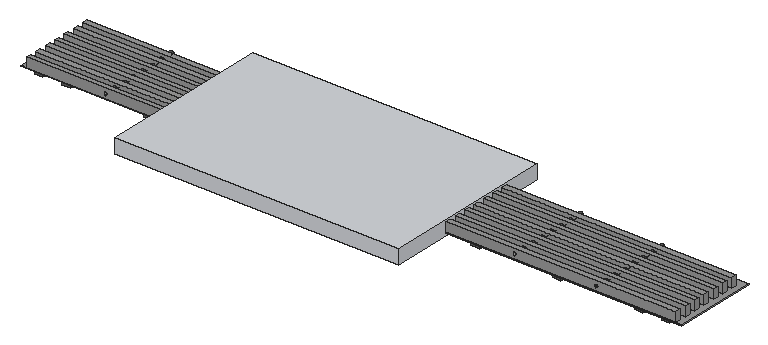
Revit family "1412-7, Solid", category Generic Models, host Face, Revit 2020
Family settings
  Host = Face
  Can host rebar = No
  Round Connector Dimension = Use Diameter
  Part Type = Normal
  Cut with Voids When Loaded = No
  Shared = No
  Room Calculation Point = No
Parameters
  min_value [instance] = 2' - 4"  # constant formula
  max_value [instance] = 11' - 11 1/4"  # constant formula
  actual_value [instance] = if(NET LENGTH < min_value, min_value, if(NET LENGTH > max_value, max_value, NET LENGTH))  # 7' - 11 1/4"
  SCRIM MATERIAL [instance] = SCRIM
  SCRIM APPEARANCE [instance] = yes
  NET LENGTH [instance] = 7' - 11 1/4"
  IMPORTANT NOTE!!!                                                                             *Backer & dowel layout is for visualization purposes only, final layout to be determined by 9Wood. [instance] = ""
  Default Elevation = 4' - 0"
  DOWEL RADIUS [instance] = 0' - 0 1/4"  # constant formula
  BACKER & DOWEL MATERIAL [instance] = BLACK-BACKERS
  .. MEMBER WIDTH [instance] = 0' - 0 3/4"  # constant formula
  .. MEMBER MATERIAL [instance] = Solid Western Hemlock
  .. MEMBER DEPTH [instance] = 0' - 1 3/8"  # constant formula
  .. MEMBER COUNT [instance] = 7  # constant formula
Reference planes (in)
  plane 1 "Center (Front/Back)": y = 0
  plane 2: z = 0
  plane 3 "Center (Left/Right)": x = 0
Forms (in)
  Extrusion 1, solid
    sketch origin (0, 0, 0) x (1, 0, 0) y (0, 1, 0)
      loop
        line (-24.24823, 14.63962) -> (-24.24823, -10.69266) -> (17.36192, -10.69266) -> (17.36192, 14.63962) -> (-24.24823, 14.63962)
    from 0 to 2.0625
Dimensions and locks (in)
  aligned and locked: plane 2 to Extrusion 1
Nested families (in)
  nested 1: "1400 series" at (-44.01308, -2.1224, 0.00189), NET LENGTH <- "actual_value", .. MEMBER DEPTH <- ".. MEMBER DEPTH", .. MEMBER WIDTH <- ".. MEMBER WIDTH", DOWEL RADIUS <- "DOWEL RADIUS", BACKER & DOWEL MATERIAL <- "BACKER & DOWEL MATERIAL", .. MEMBER MATERIAL <- ".. MEMBER MATERIAL", SCRIM MATERIAL <- "SCRIM MATERIAL", MEMBER COUNT <- ".. MEMBER COUNT", SCRIM APPEARANCE <- "SCRIM APPEARANCE", type "1400 series"
    with X 7' - 8", SCRIM MATERIAL SCRIM, SCRIM LENGTH 8' - 1", SCRIM APPEARANCE yes, SCRIM 2 0' - 0 7/8", SCRIM 1 0' - 0 3/32", OC TYP 1' - 0", NET LENGTH 7' - 11 1/4", N 8, MEMBER COUNT 7, INSET 2 0' - 0 3/16", INSET 0' - 1", HALF MEMBER WIDTH 0' - 0 3/8", END BACKER yes, DOWEL RADIUS 0' - 0 1/4", DOWEL INDEX 0' - 11 5/8", DOWEL COUNT 7, BACKING M COUNT 8, BACKER WIDTH 0' - 1 1/4", BACKER INDEX 0' - 5 5/8", BACKER DEPTH 0' - 0 1/2", BACKER & DOWEL MATERIAL BLACK-BACKERS, BACKER &  DOWEL LENGTH 0' - 11 7/8", .. MEMBER WIDTH 0' - 0 3/4", .. MEMBER OC TYP 0' - 1.71429", .. MEMBER MATERIAL Solid Western Hemlock, .. MEMBER DEPTH 0' - 1 3/8"
Definition of nested family "1400 series"
  Parameters (values of type "1400 series")
    X [instance] = NET LENGTH - 0' 3 1/4"  # 7' - 2"
    SCRIM MATERIAL [instance] = none
    SCRIM APPEARANCE [instance] = yes
    SCRIM 2 [instance] = 0' - 0 7/8"  # constant formula
    SCRIM 1 [instance] = 0' - 0 3/32"  # constant formula
    OC TYP [instance] = 1' - 0"  # constant formula
    N [instance] = if((X - (rounddown(X / 1' 0") * 1' 0")) > 1' 0", rounddown(X / 1' 0") + 2, rounddown(X / 1' 0") + 1)  # 8
    MEMBER COUNT [instance] = 2
    INSET 5 = 0' - 0 11/16"  # constant formula
    INSET 2 [instance] = 0' - 0 3/16"  # constant formula
    INSET [instance] = 0' - 1"  # constant formula
    END BACKER [instance] = BACKER INDEX > 0' 3 5/8"  # no
    HALF MEMBER WIDTH [instance] = .. MEMBER WIDTH / 2  # 0' - 1 1/8"
    Default Elevation = 0' - 0"
    DOWEL RADIUS [instance] = 0' - 0 1/4"
    DOWEL INDEX [instance] = BACKER INDEX + 0' 6"  # 0' - 8 5/8"
    DOWEL COUNT [instance] = N - 1  # 7
    BACKER WIDTH [instance] = 0' - 1 1/4"  # constant formula
    BACKER INDEX [instance] = (NET LENGTH - ((N - 1) * 1' 0")) / 2  # 0' - 2 5/8"
    BACKER DEPTH [instance] = 0' - 0 1/2"  # constant formula
    BACKING M COUNT [instance] = N  # 8
    BACKER & DOWEL MATERIAL [instance] = none
    BACKER &  DOWEL LENGTH [instance] = 0' - 11 7/8"  # constant formula
    SCRIM LENGTH [instance] = NET LENGTH + (SCRIM 2 * 2)  # 7' - 7"
    .. MEMBER WIDTH [instance] = 0' - 2 1/4"
    .. MEMBER OC TYP [instance] = 1' 0" / MEMBER COUNT  # 0' - 6"
    .. MEMBER MATERIAL [instance] = none
    NET LENGTH [instance] = 7' - 5 1/4"
    .. MEMBER DEPTH [instance] = 0' - 4"
  Reference planes (in)
    plane 1 "Center (Front/Back)": y = 0
    plane 2: z = 0
    plane 3 "Center (Left/Right)": x = 0
    plane 4: x = 89.25
    plane 5: x = 1
    plane 6: x = 88.25
    plane 7: x = 2.625
    plane 8: x = 8.625
    plane 9: x = 14.625
    plane 10: x = 20.625
    plane 11: y = 0.1875
    plane 12: y = 1.125
    plane 13: y = 7.125
    plane 14: y = 12.0625
    plane 15: x = 90.125
    plane 16: x = -0.875
    plane 17: y = 12.15625
    plane 18: y = -0.09375
    plane 19: z = 2.7097
    plane 20: z = 0.49811
    plane 21: z = 0.56061
    plane 22: z = 1.24811
  Lines and regions (in)
    model lines, not visible
      curve 1: line (8.625, 0, 0.99811) -> (8.625, 0, 1.49811)
      curve 2: line (8.625, 0, 1.49811) -> (8.375, 0, 1.24811)
      curve 3: line (8.375, 0, 1.24811) -> (8.875, 0, 1.24811)
      curve 4: line (20.625, 0, 0.99811) -> (20.625, 0, 1.49811)
      curve 5: line (20.625, 0, 1.49811) -> (20.375, 0, 1.24811)
      curve 6: line (20.375, 0, 1.24811) -> (20.875, 0, 1.24811)
      curve 7: line (32.625, 0, 0.99811) -> (32.625, 0, 1.49811)
      curve 8: line (32.625, 0, 1.49811) -> (32.375, 0, 1.24811)
      curve 9: line (32.375, 0, 1.24811) -> (32.875, 0, 1.24811)
      curve 10: line (44.625, 0, 0.99811) -> (44.625, 0, 1.49811)
      curve 11: line (44.625, 0, 1.49811) -> (44.375, 0, 1.24811)
      curve 12: line (44.375, 0, 1.24811) -> (44.875, 0, 1.24811)
      curve 13: line (56.625, 0, 0.99811) -> (56.625, 0, 1.49811)
      curve 14: line (56.625, 0, 1.49811) -> (56.375, 0, 1.24811)
      curve 15: line (56.375, 0, 1.24811) -> (56.875, 0, 1.24811)
      curve 16: line (68.625, 0, 0.99811) -> (68.625, 0, 1.49811)
      curve 17: line (68.625, 0, 1.49811) -> (68.375, 0, 1.24811)
      curve 18: line (68.375, 0, 1.24811) -> (68.875, 0, 1.24811)
      curve 19: line (80.625, 0, 0.99811) -> (80.625, 0, 1.49811)
      curve 20: line (80.625, 0, 1.49811) -> (80.375, 0, 1.24811)
      curve 21: line (80.375, 0, 1.24811) -> (80.875, 0, 1.24811)
  Dimensions and locks (in)
    "INSET": plane 3 "Center (Left/Right)" to plane 5
    "NET LENGTH": plane 3 "Center (Left/Right)" to plane 4
    "INSET": plane 6 to plane 4
    "BACKER INDEX": plane 3 "Center (Left/Right)" to plane 7
    "DOWEL INDEX": plane 3 "Center (Left/Right)" to plane 8
    "OC TYP": plane 7 to plane 9
    "OC TYP": plane 8 to plane 10
    "INSET 2": plane 1 "Center (Front/Back)" to plane 11
    equal spacing: group 1, group 2, group 5, group 6, group 7, group 13, group 14, group 16  (x3)
    equal spacing: group 3, group 4, group 8, group 9, group 10, group 15, group 17  (x3)
    group 11 to group 12 = 0' - 0"  (x2)
    group 11 to group 12 = 0' - 6"
    ".. MEMBER OC TYP": plane 13 to plane 12
    "HALF MEMBER WIDTH": plane 1 "Center (Front/Back)" to plane 12
    "SCRIM 2": plane 16 to plane 3 "Center (Left/Right)"
    "SCRIM 2": plane 4 to plane 15
    "SCRIM 1": plane 18 to plane 1 "Center (Front/Back)"
    "SCRIM 1": plane 17 to plane 14
    "INSET 5": plane 22 to plane 21
    aligned and locked: level to plane 2
    aligned and locked: plane 7 to nested 2
    aligned and locked: plane 5 to nested 1
    aligned and locked: plane 9 to nested 3
    aligned and locked: nested 1 to plane 5
    aligned and locked: nested 2 to plane 11
    aligned and locked: nested 1 to plane 11
    aligned and locked: nested 3 to plane 11
    aligned and locked: nested 4 to plane 11  (x2)
    aligned and locked: plane 10 to nested 5
    aligned and locked: plane 6 to nested 12
    aligned and locked: nested 5 to plane 11
    aligned and locked: plane 11 to nested 12
    aligned and locked: plane 12 to nested 13
    aligned and locked: nested 14 to plane 13
    aligned and locked: plane 14 to nested 8
    aligned and locked: plane 16 to nested 15
    aligned and locked: nested 15 to plane 18
    aligned and locked: nested 15 to plane 17
    aligned and locked: nested 15 to plane 16  (x2)
    aligned and locked: nested 1 to level
    aligned and locked: level to nested 3
    aligned and locked: plane 20 to nested 2
    aligned and locked: plane 20 to nested 1
    aligned and locked: plane 20 to nested 3
    aligned and locked: nested 12 to plane 20
    aligned and locked: nested 15 to plane 20
    aligned and locked: plane 21 to nested 15
    aligned and locked: nested 13 to plane 21
    aligned and locked: plane 22 to nested 4
    aligned and locked: plane 22 to nested 5
    aligned and locked: nested 13 to plane 8
    aligned and locked: plane 10 to nested 13
    aligned and locked: curve 1 to nested 13
    aligned and locked: nested 13 to curve 4
  Automatic sketch dimensions
    curve 3 to curve 1 = 0' - 0 1/4"  (x2)
    curve 1 to curve 3 = 0' - 0 1/4"
    curve 1 to curve 2 = 0' - 0 1/4"
    curve 6 to curve 4 = 0' - 0 1/4"  (x2)
    curve 4 to curve 6 = 0' - 0 1/4"
    curve 4 to curve 5 = 0' - 0 1/4"
    curve 9 to curve 7 = 0' - 0 1/4"  (x2)
    curve 7 to curve 9 = 0' - 0 1/4"
    curve 7 to curve 8 = 0' - 0 1/4"
    curve 12 to curve 10 = 0' - 0 1/4"  (x2)
    curve 10 to curve 12 = 0' - 0 1/4"
    curve 10 to curve 11 = 0' - 0 1/4"
    curve 15 to curve 13 = 0' - 0 1/4"  (x2)
    curve 13 to curve 15 = 0' - 0 1/4"
    curve 13 to curve 14 = 0' - 0 1/4"
    curve 18 to curve 16 = 0' - 0 1/4"  (x2)
    curve 16 to curve 18 = 0' - 0 1/4"
    curve 16 to curve 17 = 0' - 0 1/4"
    curve 21 to curve 19 = 0' - 0 1/4"  (x2)
    curve 19 to curve 21 = 0' - 0 1/4"
    curve 19 to curve 20 = 0' - 0 1/4"
  Nested families (in)
    nested 1: "INSTANCE - 3RD -  EXTEND BOTH SIDES - Parametric Cube.0001" at (1, 0.1875, 0.49811), Length <- "BACKER &  DOWEL LENGTH", Width <- "BACKER WIDTH", Height <- "BACKER DEPTH", Material <- "BACKER & DOWEL MATERIAL", visible <- "END BACKER", type "INSTANCE - 3RD -  EXTEND BOTH SIDES - Parametric Cube.0001"
      with Width 0' - 1 1/4", Material none, Length 0' - 11 7/8", Height 0' - 0 1/2"
    nested 2: "INSTANCE - 2ND -  EXTEND SIDE H CENTER W - Parametric Cube.0001" at (2.625, 0.1875, 0.49811), Width <- "BACKER WIDTH", Length <- "BACKER &  DOWEL LENGTH", Height <- "BACKER DEPTH", Material <- "BACKER & DOWEL MATERIAL", type "INSTANCE - 2ND -  EXTEND SIDE H CENTER W - Parametric Cube.0001"
      with Width 0' - 1 1/4", Material none, Length 0' - 11 7/8", Height 0' - 0 1/2"
    nested 3: "INSTANCE - 2ND -  EXTEND SIDE H CENTER W - Parametric Cube.0001" at (14.625, 0.1875, 0.49811), Width <- "BACKER WIDTH", Length <- "BACKER &  DOWEL LENGTH", Height <- "BACKER DEPTH", Material <- "BACKER & DOWEL MATERIAL", type "INSTANCE - 2ND -  EXTEND SIDE H CENTER W - Parametric Cube.0001"
      with Width 0' - 1 1/4", Material none, Length 0' - 11 7/8", Height 0' - 0 1/2"
    nested 4: "DOWEL" at (-1.375, 0.1875, 1.24811), DOWEL LENGTH <- "BACKER &  DOWEL LENGTH", DOWEL RADII <- "DOWEL RADIUS", BACKING MEM MATERIAL <- "BACKER & DOWEL MATERIAL", type "DOWEL"
      with DOWEL RADII 0' - 0 1/4", DOWEL LENGTH 0' - 11 7/8", BACKING MEM MATERIAL none
    nested 5: "DOWEL" at (10.625, 0.1875, 1.24811), DOWEL LENGTH <- "BACKER &  DOWEL LENGTH", DOWEL RADII <- "DOWEL RADIUS", BACKING MEM MATERIAL <- "BACKER & DOWEL MATERIAL", type "DOWEL"
      with DOWEL RADII 0' - 0 1/4", DOWEL LENGTH 0' - 11 7/8", BACKING MEM MATERIAL none
    nested 6: "INSTANCE - 2ND -  EXTEND SIDE H CENTER W - Parametric Cube.0001" at (26.625, 0.1875, 0.49811), Width <- "BACKER WIDTH", Length <- "BACKER &  DOWEL LENGTH", Height <- "BACKER DEPTH", Material <- "BACKER & DOWEL MATERIAL", type "INSTANCE - 2ND -  EXTEND SIDE H CENTER W - Parametric Cube.0001"
      with Width 0' - 1 1/4", Material none, Length 0' - 11 7/8", Height 0' - 0 1/2"
    nested 7: "INSTANCE - 2ND -  EXTEND SIDE H CENTER W - Parametric Cube.0001" at (38.625, 0.1875, 0.49811), Width <- "BACKER WIDTH", Length <- "BACKER &  DOWEL LENGTH", Height <- "BACKER DEPTH", Material <- "BACKER & DOWEL MATERIAL", type "INSTANCE - 2ND -  EXTEND SIDE H CENTER W - Parametric Cube.0001"
      with Width 0' - 1 1/4", Material none, Length 0' - 11 7/8", Height 0' - 0 1/2"
    nested 8: "INSTANCE - 2ND -  EXTEND SIDE H CENTER W - Parametric Cube.0001" at (50.625, 0.1875, 0.49811), Width <- "BACKER WIDTH", Length <- "BACKER &  DOWEL LENGTH", Height <- "BACKER DEPTH", Material <- "BACKER & DOWEL MATERIAL", type "INSTANCE - 2ND -  EXTEND SIDE H CENTER W - Parametric Cube.0001"
      with Width 0' - 1 1/4", Material none, Length 0' - 11 7/8", Height 0' - 0 1/2"
    nested 9: "DOWEL" at (22.625, 0.1875, 1.24811), DOWEL LENGTH <- "BACKER &  DOWEL LENGTH", DOWEL RADII <- "DOWEL RADIUS", BACKING MEM MATERIAL <- "BACKER & DOWEL MATERIAL", type "DOWEL"
      with DOWEL RADII 0' - 0 1/4", DOWEL LENGTH 0' - 11 7/8", BACKING MEM MATERIAL none
    nested 10: "DOWEL" at (34.625, 0.1875, 1.24811), DOWEL LENGTH <- "BACKER &  DOWEL LENGTH", DOWEL RADII <- "DOWEL RADIUS", BACKING MEM MATERIAL <- "BACKER & DOWEL MATERIAL", type "DOWEL"
      with DOWEL RADII 0' - 0 1/4", DOWEL LENGTH 0' - 11 7/8", BACKING MEM MATERIAL none
    nested 11: "DOWEL" at (46.625, 0.1875, 1.24811), DOWEL LENGTH <- "BACKER &  DOWEL LENGTH", DOWEL RADII <- "DOWEL RADIUS", BACKING MEM MATERIAL <- "BACKER & DOWEL MATERIAL", type "DOWEL"
      with DOWEL RADII 0' - 0 1/4", DOWEL LENGTH 0' - 11 7/8", BACKING MEM MATERIAL none
    nested 12: "INSTANCE - 3RD -  EXTEND BOTH SIDES - Parametric Cube.0001" at (88.25, 0.1875, 0.49811) x (-1, 0, 0) z (0, 0, 1), Width <- "BACKER WIDTH", Length <- "BACKER &  DOWEL LENGTH", Height <- "BACKER DEPTH", Material <- "BACKER & DOWEL MATERIAL", visible <- "END BACKER", type "INSTANCE - 3RD -  EXTEND BOTH SIDES - Parametric Cube.0001"
      with Width 0' - 1 1/4", Material none, Length 0' - 11 7/8", Height 0' - 0 1/2"
    nested 13: "HOLED MEMBER" at (0, -9.75, 8.12965), DOWEL INDEX <- "DOWEL INDEX", .. MEMBER LENGTH <- "NET LENGTH", .. MEMBER WIDTH <- ".. MEMBER WIDTH", DOWEL OC DIST <- "OC TYP", DOWEL RADII <- "DOWEL RADIUS", Material <- ".. MEMBER MATERIAL", DEPTH <- ".. MEMBER DEPTH", DOWEL COUNT <- "DOWEL COUNT", Space <- "INSET 5", type "HOLED MEMBER"
      with Space 0' - 0 11/16", Material none, Height 0' - 10.43096", HALF MEMBER WIDTH 0' - 1 1/8", DOWEL RADII 0' - 0 1/4", DOWEL OC DIST 1' - 0", DOWEL INDEX 0' - 8 5/8", DOWEL COUNT 7, DEPTH 0' - 4", .. MEMBER WIDTH 0' - 2 1/4", .. MEMBER LENGTH 7' - 5 1/4"
    nested 14: "HOLED MEMBER" at (0, -3.75, 8.12965), DOWEL INDEX <- "DOWEL INDEX", .. MEMBER LENGTH <- "NET LENGTH", .. MEMBER WIDTH <- ".. MEMBER WIDTH", DOWEL OC DIST <- "OC TYP", DOWEL RADII <- "DOWEL RADIUS", Material <- ".. MEMBER MATERIAL", DEPTH <- ".. MEMBER DEPTH", DOWEL COUNT <- "DOWEL COUNT", Space <- "INSET 5", type "HOLED MEMBER"
      with Space 0' - 0 11/16", Material none, Height 0' - 10.43096", HALF MEMBER WIDTH 0' - 1 1/8", DOWEL RADII 0' - 0 1/4", DOWEL OC DIST 1' - 0", DOWEL INDEX 0' - 8 5/8", DOWEL COUNT 7, DEPTH 0' - 4", .. MEMBER WIDTH 0' - 2 1/4", .. MEMBER LENGTH 7' - 5 1/4"
    nested 15: "INSTANCE - 3RD -  EXTEND BOTH SIDES - Parametric Cube.0001" at (-0.875, -0.09375, 0.56061), Width <- "SCRIM LENGTH", Material <- "SCRIM MATERIAL", visible <- "SCRIM APPEARANCE", type "INSTANCE - 3RD -  EXTEND BOTH SIDES - Parametric Cube.0001"
      with Width 7' - 7", Material none, Length 1' - 0 1/4", Height 0' - 0 1/16"
    nested 16: "INSTANCE - 2ND -  EXTEND SIDE H CENTER W - Parametric Cube.0001" at (62.625, 0.1875, 0.49811), Width <- "BACKER WIDTH", Length <- "BACKER &  DOWEL LENGTH", Height <- "BACKER DEPTH", Material <- "BACKER & DOWEL MATERIAL", type "INSTANCE - 2ND -  EXTEND SIDE H CENTER W - Parametric Cube.0001"
      with Width 0' - 1 1/4", Material none, Length 0' - 11 7/8", Height 0' - 0 1/2"
    nested 17: "INSTANCE - 2ND -  EXTEND SIDE H CENTER W - Parametric Cube.0001" at (74.625, 0.1875, 0.49811), Width <- "BACKER WIDTH", Length <- "BACKER &  DOWEL LENGTH", Height <- "BACKER DEPTH", Material <- "BACKER & DOWEL MATERIAL", type "INSTANCE - 2ND -  EXTEND SIDE H CENTER W - Parametric Cube.0001"
      with Width 0' - 1 1/4", Material none, Length 0' - 11 7/8", Height 0' - 0 1/2"
    nested 18: "DOWEL" at (58.625, 0.1875, 1.24811), DOWEL LENGTH <- "BACKER &  DOWEL LENGTH", DOWEL RADII <- "DOWEL RADIUS", BACKING MEM MATERIAL <- "BACKER & DOWEL MATERIAL", type "DOWEL"
      with DOWEL RADII 0' - 0 1/4", DOWEL LENGTH 0' - 11 7/8", BACKING MEM MATERIAL none
    nested 19: "INSTANCE - 2ND -  EXTEND SIDE H CENTER W - Parametric Cube.0001" at (86.625, 0.1875, 0.49811), Width <- "BACKER WIDTH", Length <- "BACKER &  DOWEL LENGTH", Height <- "BACKER DEPTH", Material <- "BACKER & DOWEL MATERIAL", type "INSTANCE - 2ND -  EXTEND SIDE H CENTER W - Parametric Cube.0001"
      with Width 0' - 1 1/4", Material none, Length 0' - 11 7/8", Height 0' - 0 1/2"
    nested 20: "DOWEL" at (70.625, 0.1875, 1.24811), DOWEL LENGTH <- "BACKER &  DOWEL LENGTH", DOWEL RADII <- "DOWEL RADIUS", BACKING MEM MATERIAL <- "BACKER & DOWEL MATERIAL", type "DOWEL"
      with DOWEL RADII 0' - 0 1/4", DOWEL LENGTH 0' - 11 7/8", BACKING MEM MATERIAL none
  Definition of nested family "INSTANCE - 3RD -  EXTEND BOTH SIDES - Parametric Cube.0001"
    Parameters (values of type "INSTANCE - 3RD -  EXTEND BOTH SIDES - Parametric Cube.0001")
      Width [instance] = 0' - 6"
      Material [instance] = none
      Length [instance] = 1' - 0"
      Height [instance] = 1' - 6"
      Default Elevation = 0' - 0"
    Reference planes (in)
      plane 1 "Center (Front/Back)": y = 0
      plane 2: z = 0
      plane 3 "Center (Left/Right)": x = 0
      plane 4: x = 6
      plane 5: y = 12
      plane 6: z = -18
    Forms (in)
      Extrusion 1, solid, material <- "Material"
        sketch origin (0, 6, 0) x (1, 0, 0) y (0, 1, 0)
          loop
            line (0, 6) -> (0, -6) -> (6, -6) -> (6, 6) -> (0, 6)
        from -18 to 0
    Dimensions and locks (in)
      "Height": plane 6 to level
      "Length": plane 1 "Center (Front/Back)" to plane 5
      "Width": plane 3 "Center (Left/Right)" to plane 4
      aligned and locked: plane 2 to level
      aligned and locked: Extrusion 1 sketch curve to plane 4
      aligned and locked: Extrusion 1 to plane 6
      aligned and locked: plane 5 to Extrusion 1
      aligned and locked: Extrusion 1 to plane 3 "Center (Left/Right)"
    Automatic sketch dimensions
      plane 1 "Center (Front/Back)" to Extrusion 1 sketch curve = 0' - 0"
      plane 5 to Extrusion 1 sketch curve = 0' - 0"
      Extrusion 1 sketch curve to plane 3 "Center (Left/Right)" = 0' - 0"
  Definition of nested family "INSTANCE - 2ND -  EXTEND SIDE H CENTER W - Parametric Cube.0001"
    Parameters (values of type "INSTANCE - 2ND -  EXTEND SIDE H CENTER W - Parametric Cube.0001")
      Width [instance] = 0' - 6"
      Material [instance] = none
      Length [instance] = 1' - 0"
      Height [instance] = 1' - 6"
      Default Elevation = 0' - 0"
    Reference planes (in)
      plane 1 "Center (Front/Back)": y = 0
      plane 2: z = 0
      plane 3 "Center (Left/Right)": x = 0
      plane 4: x = -3
      plane 5: x = 3
      plane 6: y = 12
      plane 7: z = -18
    Forms (in)
      Extrusion 1, solid, material <- "Material"
        sketch origin (0, 6, 0) x (1, 0, 0) y (0, 1, 0)
          loop
            line (-3, 6) -> (-3, -6) -> (3, -6) -> (3, 6) -> (-3, 6)
        from -18 to 0
    Dimensions and locks (in)
      equal spacing: plane 4, plane 3 "Center (Left/Right)", plane 5
      "Width": plane 4 to plane 5
      "Height": plane 7 to level
      "Length": plane 1 "Center (Front/Back)" to plane 6
      aligned and locked: plane 2 to level
      aligned and locked: plane 4 to Extrusion 1 sketch curve
      aligned and locked: Extrusion 1 sketch curve to plane 5
      aligned and locked: Extrusion 1 to plane 7
      aligned and locked: plane 6 to Extrusion 1
    Automatic sketch dimensions
      plane 1 "Center (Front/Back)" to Extrusion 1 sketch curve = 0' - 0"
      plane 6 to Extrusion 1 sketch curve = 0' - 0"
  Definition of nested family "DOWEL"
    Parameters (values of type "DOWEL")
      Default Elevation = 0' - 0"
      DOWEL RADII [instance] = 0' - 0 5/8"
      DOWEL LENGTH [instance] = 1' - 0"
      BACKING MEM MATERIAL [instance] = none
    Reference planes (in)
      plane 1 "Center (Front/Back)": y = 0
      plane 2: z = 0
      plane 3 "Center (Left/Right)": x = 0
      plane 4: y = 12
    Forms (in)
      Extrusion 1, solid, material <- "BACKING MEM MATERIAL"
        sketch origin (10, 0, 0) x (1, 0, 0) y (0, 0, 1)
          loop
            circle (0, 0) r 0.625
        from 0 to -12
      Extrusion 2, solid, not visible
        sketch origin (0, 0, 0) x (1, 0, 0) y (0, 0, 1)
          loop
            circle (0, 0) r 0.625
        from 0 to 12
      Extrusion 3, solid, not visible
        sketch origin (10, 0, 0) x (1, 0, 0) y (0, 0, 1)
          loop
            circle (0, 0) r 0.625
        from 0 to 2.5
      Extrusion 4, solid, not visible
        sketch origin (10, 0, 0) x (1, 0, 0) y (0, 0, 1)
          loop
            circle (0, 0) r 0.625
        from 0 to -12
    Lines and regions (in)
      model lines, not visible
        curve 1: line (-13, 0, 0) -> (-13, -12, 0)
        curve 2: line (13, 0, 0) -> (13, -12, 0)
        curve 3: line (9.89453, 0, 0) -> (10.08794, 0, 0)
        curve 4: line (9.89453, -2.5, 0) -> (10.08794, -2.5, 0)
        curve 6: line (10, 0, 0) -> (10, 2, 0)
      model lines
        curve 5: line (10, 0, 0) -> (10, 2, 0)
    Dimensions and locks (in)
      "DOWEL LENGTH": plane 1 "Center (Front/Back)" to plane 4
      "DOWEL RADII": radius of Extrusion 1 sketch curve
      "DOWEL RADII": radius of Extrusion 2 sketch curve
      "DOWEL RADII": radius of Extrusion 3 sketch curve
      "DOWEL RADII": radius of Extrusion 4 sketch curve
      "DOWEL RADII": radius of Extrusion 1
      aligned and locked: plane 2 to level
      aligned and locked: Extrusion 1 to plane 1 "Center (Front/Back)"  (x3)
      aligned and locked: plane 1 "Center (Front/Back)" to Extrusion 1
      aligned and locked: plane 4 to Extrusion 1
    Automatic sketch dimensions
      plane 1 "Center (Front/Back)" to curve 5 = 0' - 0"
      curve 5 to plane 1 "Center (Front/Back)" = 0' - 2"
      plane 3 "Center (Left/Right)" to curve 5 = 0' - 10"
      Extrusion 1 sketch curve to level = 0' - 0"
      plane 3 "Center (Left/Right)" to Extrusion 1 sketch curve = 0' - 10"
  Definition of nested family "HOLED MEMBER"
    Parameters (values of type "HOLED MEMBER")
      Space [instance] = 0' - 0 5/8"
      Material [instance] = none
      Height [instance] = 0' - 10.43096"
      HALF MEMBER WIDTH [instance] = .. MEMBER WIDTH / 2  # 0' - 0 5/16"
      Default Elevation = 0' - 0"
      DOWEL RADII [instance] = 0' - 0.34537"
      DOWEL OC DIST [instance] = 1' - 0"
      DOWEL INSET = 0' - 0 5/8"
      DOWEL INDEX [instance] = 0' - 5 5/8"
      DOWEL COUNT [instance] = 6
      DEPTH [instance] = 0' - 2"
      .. MEMBER WIDTH [instance] = 0' - 0 5/8"
      .. MEMBER LENGTH [instance] = 5' - 11 3/4"
    Reference planes (in)
      plane 1 "Center (Front/Back)": y = 12
      plane 2: z = -7.56904
      plane 3 "Center (Left/Right)": x = 0
      plane 4: x = 5.625
      plane 5: x = 17.625
      plane 6: y = 11.375
      plane 7: x = 71.75
      plane 8: y = 11.6875
      plane 9: z = -6.94404
      plane 10: z = -5.56904
    Forms (in)
      Extrusion 1, solid, material <- "Material"
        sketch origin (0, 12, -13.56904) x (1, 0, 0) y (0, 0, 1)
          loop
            line (0, 6) -> (71.75, 6) -> (71.75, 8) -> (0, 8) -> (0, 6)
        from 0.625 to 0
      Extrusion 2, void
        sketch origin (0, 12, -18.31904) x (1, 0, 0) y (0, 0, 1)
          loop
            circle (5.625, 11.375) r 0.34537
        from 0 to 12
      Extrusion 3, void, not visible
        sketch origin (0, 0, 0) x (1, 0, 0) y (0, 1, 0)
          loop
            circle (5.625, 11.375) r 0.34537
        from 0 to 12
      Extrusion 4, void, not visible
        sketch origin (0, 0, 0) x (1, 0, 0) y (0, 1, 0)
          loop
            circle (5.625, 11.375) r 0.34537
        from 0 to 12
      Extrusion 5, void, not visible
        sketch origin (12, 0, 0) x (1, 0, 0) y (0, 1, 0)
          loop
            circle (5.625, 11.375) r 0.34537
        from 0 to 12
      Extrusion 6, void, not visible
        sketch origin (0, 12, -17.56904) x (1, 0, 0) y (0, 0, 1)
          loop
            circle (5.625, 11.375) r 0.34537
        from 0 to 12
      Extrusion 7, void, not visible
        sketch origin (12, 12, -17.56904) x (1, 0, 0) y (0, 0, 1)
          loop
            circle (5.625, 11.375) r 0.34537
        from 0 to 12
      Extrusion 8, void, not visible
        sketch origin (0, 12, -19.56904) x (1, 0, 0) y (0, 0, 1)
          loop
            circle (5.625, 11.375) r 0.34537
        from 0 to 12
      Extrusion 9, void
        sketch origin (12, 12, -18.31904) x (1, 0, 0) y (0, 0, 1)
          loop
            circle (5.625, 11.375) r 0.34537
        from 0 to 12
      Extrusion 10, void
        sketch origin (24, 12, -18.31904) x (1, 0, 0) y (0, 0, 1)
          loop
            circle (5.625, 11.375) r 0.34537
        from 0 to 12
      Extrusion 11, void
        sketch origin (36, 12, -18.31904) x (1, 0, 0) y (0, 0, 1)
          loop
            circle (5.625, 11.375) r 0.34537
        from 0 to 12
      Extrusion 12, void
        sketch origin (48, 12, -18.31904) x (1, 0, 0) y (0, 0, 1)
          loop
            circle (5.625, 11.375) r 0.34537
        from 0 to 12
      Extrusion 13, void
        sketch origin (60, 12, -18.31904) x (1, 0, 0) y (0, 0, 1)
          loop
            circle (5.625, 11.375) r 0.34537
        from 0 to 12
      Extrusion 14, void, not visible
        sketch origin (24, 12, -17.56904) x (1, 0, 0) y (0, 0, 1)
          loop
            circle (5.625, 11.375) r 0.34537
        from 0 to 12
      Extrusion 15, void, not visible
        sketch origin (36, 12, -17.56904) x (1, 0, 0) y (0, 0, 1)
          loop
            circle (5.625, 11.375) r 0.34537
        from 0 to 12
      Extrusion 16, void, not visible
        sketch origin (48, 12, -17.56904) x (1, 0, 0) y (0, 0, 1)
          loop
            circle (5.625, 11.375) r 0.34537
        from 0 to 12
      Extrusion 17, void, not visible
        sketch origin (60, 12, -17.56904) x (1, 0, 0) y (0, 0, 1)
          loop
            circle (5.625, 11.375) r 0.34537
        from 0 to 12
      Extrusion 18, void, not visible
        sketch origin (24, 0, 0) x (1, 0, 0) y (0, 1, 0)
          loop
            circle (5.625, 11.375) r 0.34537
        from 0 to 12
      Extrusion 19, void, not visible
        sketch origin (36, 0, 0) x (1, 0, 0) y (0, 1, 0)
          loop
            circle (5.625, 11.375) r 0.34537
        from 0 to 12
      Extrusion 20, void, not visible
        sketch origin (48, 0, 0) x (1, 0, 0) y (0, 1, 0)
          loop
            circle (5.625, 11.375) r 0.34537
        from 0 to 12
      Extrusion 21, void, not visible
        sketch origin (60, 0, 0) x (1, 0, 0) y (0, 1, 0)
          loop
            circle (5.625, 11.375) r 0.34537
        from 0 to 12
    Cuts and joins
      Extrusion 2, Extrusion 9, Extrusion 10, Extrusion 11, Extrusion 12, Extrusion 13 cuts Extrusion 1
    Lines and regions (in)
      model lines, not visible
        curve 1: line (5.625, 11.72037, 0) -> (5.625, 11.02963, 0)
        curve 2: line (5.625, 11.72037, 0) -> (5.625, 11.02963, 0)
        curve 3: line (17.625, 11.72037, 0) -> (17.625, 11.02963, 0)
        curve 4: line (5.625, 12, -7.56904) -> (5.625, 11.87317, -7.56904)
        curve 5: line (5.625, 11.87317, -7.56904) -> (5.06195, 11.87317, -7.56904)
        curve 6: line (5.06195, 11.87317, -7.56904) -> (5.27963, 11.375, -7.56904)
        curve 7: line (0, 12, -6.19404) -> (0, 11.61951, -6.19404)
        curve 9: line (0, 11.375, -8.19404) -> (0, 11.6747, -8.19404)
        curve 10: line (5.625, 12, -7.56904) -> (5.625, 11.69863, -7.56904)
        curve 11: line (5.625, 12, -7.56904) -> (5.625, 11.69863, -7.56904)
        curve 12: line (5.625, 10.75, 0) -> (5.625, 10.75, 0.30137)
        curve 13: line (5.625, 10.75, 0) -> (5.625, 10.75, 0.30137)
        curve 14: line (17.625, 10.75, 0) -> (17.625, 10.75, 0.30137)
        curve 15: line (5.625, 12, -6.81904) -> (5.625, 11.69863, -6.81904)
        curve 16: line (17.625, 12, -6.81904) -> (17.625, 11.69863, -6.81904)
        curve 17: line (5.625, 12, -8.81904) -> (5.625, 11.69863, -8.81904)
        curve 18: line (17.625, 12, -7.56904) -> (17.625, 11.69863, -7.56904)
        curve 19: line (29.625, 12, -7.56904) -> (29.625, 11.69863, -7.56904)
        curve 20: line (41.625, 12, -7.56904) -> (41.625, 11.69863, -7.56904)
        curve 21: line (53.625, 12, -7.56904) -> (53.625, 11.69863, -7.56904)
        curve 22: line (65.625, 12, -7.56904) -> (65.625, 11.69863, -7.56904)
        curve 23: line (29.625, 12, -6.81904) -> (29.625, 11.69863, -6.81904)
        curve 24: line (41.625, 12, -6.81904) -> (41.625, 11.69863, -6.81904)
        curve 25: line (53.625, 12, -6.81904) -> (53.625, 11.69863, -6.81904)
        curve 26: line (65.625, 12, -6.81904) -> (65.625, 11.69863, -6.81904)
        curve 27: line (29.625, 11.72037, 0) -> (29.625, 11.02963, 0)
        curve 28: line (29.625, 10.75, 0) -> (29.625, 10.75, 0.30137)
        curve 29: line (41.625, 11.72037, 0) -> (41.625, 11.02963, 0)
        curve 30: line (41.625, 10.75, 0) -> (41.625, 10.75, 0.30137)
        curve 31: line (53.625, 11.72037, 0) -> (53.625, 11.02963, 0)
        curve 32: line (53.625, 10.75, 0) -> (53.625, 10.75, 0.30137)
        curve 33: line (65.625, 11.72037, 0) -> (65.625, 11.02963, 0)
        curve 34: line (65.625, 10.75, 0) -> (65.625, 10.75, 0.30137)
        curve 35: line (5.27963, 12, -6.94404) -> (5.97037, 12, -6.94404)
        curve 36: line (5.97037, 12, -6.94404) -> (5.625, 12, -6.59867)
        curve 37: line (5.625, 12, -6.59867) -> (5.625, 12, -7.28941)
        curve 38: line (5.27963, 11.375, 0) -> (5.97037, 11.375, 0)
        curve 39: line (5.97037, 11.375, 0) -> (5.625, 11.72037, 0)
        curve 40: line (5.625, 11.72037, 0) -> (5.625, 11.02963, 0)
        curve 41: line (5.27963, 11.375, 0) -> (5.97037, 11.375, 0)
        curve 42: line (5.97037, 11.375, 0) -> (5.625, 11.72037, 0)
        curve 43: line (5.625, 11.72037, 0) -> (5.625, 11.02963, 0)
        curve 44: line (17.27963, 11.375, 0) -> (17.97037, 11.375, 0)
        curve 45: line (17.97037, 11.375, 0) -> (17.625, 11.72037, 0)
        curve 46: line (17.625, 11.72037, 0) -> (17.625, 11.02963, 0)
        curve 47: line (5.27963, 12, -6.19404) -> (5.97037, 12, -6.19404)
        curve 48: line (5.97037, 12, -6.19404) -> (5.625, 12, -5.84867)
        curve 49: line (5.625, 12, -5.84867) -> (5.625, 12, -6.53941)
        curve 50: line (17.27963, 12, -6.19404) -> (17.97037, 12, -6.19404)
        curve 51: line (17.97037, 12, -6.19404) -> (17.625, 12, -5.84867)
        curve 52: line (17.625, 12, -5.84867) -> (17.625, 12, -6.53941)
        curve 53: line (5.27963, 12, -8.19404) -> (5.97037, 12, -8.19404)
        curve 54: line (5.97037, 12, -8.19404) -> (5.625, 12, -7.84867)
        curve 55: line (5.625, 12, -7.84867) -> (5.625, 12, -8.53941)
        curve 56: line (17.27963, 12, -6.94404) -> (17.97037, 12, -6.94404)
        curve 57: line (17.97037, 12, -6.94404) -> (17.625, 12, -6.59867)
        curve 58: line (17.625, 12, -6.59867) -> (17.625, 12, -7.28941)
        curve 59: line (29.27963, 12, -6.94404) -> (29.97037, 12, -6.94404)
        curve 60: line (29.97037, 12, -6.94404) -> (29.625, 12, -6.59867)
        curve 61: line (29.625, 12, -6.59867) -> (29.625, 12, -7.28941)
        curve 62: line (41.27963, 12, -6.94404) -> (41.97037, 12, -6.94404)
        curve 63: line (41.97037, 12, -6.94404) -> (41.625, 12, -6.59867)
        curve 64: line (41.625, 12, -6.59867) -> (41.625, 12, -7.28941)
        curve 65: line (53.27963, 12, -6.94404) -> (53.97037, 12, -6.94404)
        curve 66: line (53.97037, 12, -6.94404) -> (53.625, 12, -6.59867)
        curve 67: line (53.625, 12, -6.59867) -> (53.625, 12, -7.28941)
        curve 68: line (65.27963, 12, -6.94404) -> (65.97037, 12, -6.94404)
        curve 69: line (65.97037, 12, -6.94404) -> (65.625, 12, -6.59867)
        curve 70: line (65.625, 12, -6.59867) -> (65.625, 12, -7.28941)
        curve 71: line (29.27963, 12, -6.19404) -> (29.97037, 12, -6.19404)
        curve 72: line (29.97037, 12, -6.19404) -> (29.625, 12, -5.84867)
        curve 73: line (29.625, 12, -5.84867) -> (29.625, 12, -6.53941)
        curve 74: line (41.27963, 12, -6.19404) -> (41.97037, 12, -6.19404)
        curve 75: line (41.97037, 12, -6.19404) -> (41.625, 12, -5.84867)
        curve 76: line (41.625, 12, -5.84867) -> (41.625, 12, -6.53941)
        curve 77: line (53.27963, 12, -6.19404) -> (53.97037, 12, -6.19404)
        curve 78: line (53.97037, 12, -6.19404) -> (53.625, 12, -5.84867)
        curve 79: line (53.625, 12, -5.84867) -> (53.625, 12, -6.53941)
        curve 80: line (65.27963, 12, -6.19404) -> (65.97037, 12, -6.19404)
        curve 81: line (65.97037, 12, -6.19404) -> (65.625, 12, -5.84867)
        curve 82: line (65.625, 12, -5.84867) -> (65.625, 12, -6.53941)
        curve 83: line (29.27963, 11.375, 0) -> (29.97037, 11.375, 0)
        curve 84: line (29.97037, 11.375, 0) -> (29.625, 11.72037, 0)
        curve 85: line (29.625, 11.72037, 0) -> (29.625, 11.02963, 0)
        curve 86: line (41.27963, 11.375, 0) -> (41.97037, 11.375, 0)
        curve 87: line (41.97037, 11.375, 0) -> (41.625, 11.72037, 0)
        curve 88: line (41.625, 11.72037, 0) -> (41.625, 11.02963, 0)
        curve 89: line (53.27963, 11.375, 0) -> (53.97037, 11.375, 0)
        curve 90: line (53.97037, 11.375, 0) -> (53.625, 11.72037, 0)
        curve 91: line (53.625, 11.72037, 0) -> (53.625, 11.02963, 0)
        curve 92: line (65.27963, 11.375, 0) -> (65.97037, 11.375, 0)
        curve 93: line (65.97037, 11.375, 0) -> (65.625, 11.72037, 0)
        curve 94: line (65.625, 11.72037, 0) -> (65.625, 11.02963, 0)
      model lines
        curve 8: line (5.625, 12, -7.56904) -> (5.625, 11.69863, -7.56904)
    Dimensions and locks (in)
      "DOWEL INDEX": plane 3 "Center (Left/Right)" to plane 4
      "DOWEL OC DIST": plane 4 to plane 5
      ".. MEMBER LENGTH": plane 3 "Center (Left/Right)" to plane 7
      equal spacing: group 3, group 4, group 21, group 22, group 23, group 24  (x3)
      equal spacing: group 7, group 8, group 17, group 18, group 19, group 20  (x3)
      ".. MEMBER WIDTH": plane 6 to plane 1 "Center (Front/Back)"
      "HALF MEMBER WIDTH": plane 8 to plane 1 "Center (Front/Back)"
      equal spacing: group 1, group 12, group 13, group 14, group 15, group 16  (x2)
      equal spacing: group 16, group 15, group 14, group 13, group 12, group 1
      "DEPTH": plane 10 to level
      "Space": plane 9 to level
      "DOWEL RADII": radius of Extrusion 2 sketch curve
      "DOWEL RADII": radius of Extrusion 3 sketch curve
      "DOWEL RADII": radius of Extrusion 4 sketch curve
      "DOWEL RADII": radius of Extrusion 5 sketch curve
      "DOWEL RADII": radius of Extrusion 6 sketch curve
      "DOWEL RADII": radius of Extrusion 7 sketch curve
      "DOWEL RADII": radius of Extrusion 8 sketch curve
      "DOWEL RADII": radius of Extrusion 9 sketch curve
      "DOWEL RADII": radius of Extrusion 10 sketch curve
      "DOWEL RADII": radius of Extrusion 11 sketch curve
      "DOWEL RADII": radius of Extrusion 12 sketch curve
      "DOWEL RADII": radius of Extrusion 13 sketch curve
      "DOWEL RADII": radius of Extrusion 14 sketch curve
      "DOWEL RADII": radius of Extrusion 15 sketch curve
      "DOWEL RADII": radius of Extrusion 16 sketch curve
      "DOWEL RADII": radius of Extrusion 17 sketch curve
      "DOWEL RADII": radius of Extrusion 18 sketch curve
      "DOWEL RADII": radius of Extrusion 19 sketch curve
      "DOWEL RADII": radius of Extrusion 20 sketch curve
      "DOWEL RADII": radius of Extrusion 21 sketch curve
      aligned and locked: level to plane 2
      aligned and locked: Extrusion 1 to plane 3 "Center (Left/Right)"  (x2)
      aligned and locked: plane 7 to cut or joined group of Extrusion 1, Extrusion 2, Extrusion 9, Extrusion 10, Extrusion 11, Extrusion 12, Extrusion 13  (x2)
      aligned and locked: cut or joined group of Extrusion 1, Extrusion 2, Extrusion 9, Extrusion 10, Extrusion 11, Extrusion 12, Extrusion 13 to plane 1 "Center (Front/Back)"  (x2)
      aligned and locked: cut or joined group of Extrusion 1, Extrusion 2, Extrusion 9, Extrusion 10, Extrusion 11, Extrusion 12, Extrusion 13 to plane 6  (x2)
      aligned and locked: plane 4 to curve 11
      aligned and locked: curve 18 to plane 5
      aligned and locked: plane 4 to group 1
      aligned and locked: group 12 to plane 5
      aligned and locked: curve 35 to plane 9
      aligned and locked: plane 4 to curve 37
      aligned and locked: curve 56 to plane 9
      aligned and locked: curve 58 to plane 5
      aligned and locked: plane 10 to cut or joined group of Extrusion 1, Extrusion 2, Extrusion 9, Extrusion 10, Extrusion 11, Extrusion 12, Extrusion 13  (x2)
      aligned and locked: cut or joined group of Extrusion 1, Extrusion 2, Extrusion 9, Extrusion 10, Extrusion 11, Extrusion 12, Extrusion 13 to level
      aligned and locked: level to cut or joined group of Extrusion 1, Extrusion 2, Extrusion 9, Extrusion 10, Extrusion 11, Extrusion 12, Extrusion 13
    Automatic sketch dimensions
      curve 1 to curve 1 = 0' - 0.69074"
      curve 2 to curve 2 = 0' - 0.69074"
      curve 3 to curve 3 = 0' - 0.69074"
      Extrusion 1 sketch curve to plane 3 "Center (Left/Right)" = 0' - 0"
      Extrusion 1 sketch curve to plane 7 = 0' - 0"
      Extrusion 1 sketch curve to Extrusion 1 sketch curve = 0' - 2"
      Extrusion 1 sketch curve to level = 0' - 0"
      curve 8 to curve 8 = 0' - 0.30137"
      curve 10 to curve 10 = 0' - 0.30137"
      curve 8 to plane 4 = 0' - 0"
      plane 1 "Center (Front/Back)" to curve 8 = 0' - 0"
      plane 1 "Center (Front/Back)" to curve 8 = 0' - 0.30137"
      curve 11 to curve 11 = 0' - 0.30137"
      curve 12 to curve 12 = 0' - 0.30137"
      curve 13 to curve 13 = 0' - 0.30137"
      curve 14 to curve 14 = 0' - 0.30137"
      curve 15 to curve 15 = 0' - 0.30137"
      curve 16 to curve 16 = 0' - 0.30137"
      curve 17 to curve 17 = 0' - 0.30137"
      curve 18 to curve 18 = 0' - 0.30137"
      curve 19 to curve 19 = 0' - 0.30137"
      curve 20 to curve 20 = 0' - 0.30137"
      curve 21 to curve 21 = 0' - 0.30137"
      curve 22 to curve 22 = 0' - 0.30137"
      curve 23 to curve 23 = 0' - 0.30137"
      curve 24 to curve 24 = 0' - 0.30137"
      curve 25 to curve 25 = 0' - 0.30137"
      curve 26 to curve 26 = 0' - 0.30137"
      curve 27 to curve 27 = 0' - 0.69074"
      curve 28 to curve 28 = 0' - 0.30137"
      curve 29 to curve 29 = 0' - 0.69074"
      curve 30 to curve 30 = 0' - 0.30137"
      curve 31 to curve 31 = 0' - 0.69074"
      curve 32 to curve 32 = 0' - 0.30137"
      curve 33 to curve 33 = 0' - 0.69074"
      curve 34 to curve 34 = 0' - 0.30137"
      curve 37 to curve 35 = 0' - 0.34537"  (x2)
      curve 35 to curve 36 = 0' - 0.34537"
      curve 35 to curve 37 = 0' - 0.34537"
      curve 40 to curve 38 = 0' - 0.34537"  (x2)
      curve 38 to curve 39 = 0' - 0.34537"
      curve 38 to curve 40 = 0' - 0.34537"
      curve 43 to curve 41 = 0' - 0.34537"  (x2)
      curve 41 to curve 42 = 0' - 0.34537"
      curve 41 to curve 43 = 0' - 0.34537"
      curve 46 to curve 44 = 0' - 0.34537"  (x2)
      curve 44 to curve 45 = 0' - 0.34537"
      curve 44 to curve 46 = 0' - 0.34537"
      curve 49 to curve 47 = 0' - 0.34537"  (x2)
      curve 47 to curve 48 = 0' - 0.34537"
      curve 47 to curve 49 = 0' - 0.34537"
      curve 52 to curve 50 = 0' - 0.34537"  (x2)
      curve 50 to curve 51 = 0' - 0.34537"
      curve 50 to curve 52 = 0' - 0.34537"
      curve 55 to curve 53 = 0' - 0.34537"  (x2)
      curve 53 to curve 54 = 0' - 0.34537"
      curve 53 to curve 55 = 0' - 0.34537"
      curve 58 to curve 56 = 0' - 0.34537"  (x2)
      curve 56 to curve 57 = 0' - 0.34537"
      curve 56 to curve 58 = 0' - 0.34537"
      curve 61 to curve 59 = 0' - 0.34537"  (x2)
      curve 59 to curve 60 = 0' - 0.34537"
      curve 59 to curve 61 = 0' - 0.34537"
      curve 64 to curve 62 = 0' - 0.34537"  (x2)
      curve 62 to curve 63 = 0' - 0.34537"
      curve 62 to curve 64 = 0' - 0.34537"
      curve 67 to curve 65 = 0' - 0.34537"  (x2)
      curve 65 to curve 66 = 0' - 0.34537"
      curve 65 to curve 67 = 0' - 0.34537"
      curve 70 to curve 68 = 0' - 0.34537"  (x2)
      curve 68 to curve 69 = 0' - 0.34537"
      curve 68 to curve 70 = 0' - 0.34537"
      curve 73 to curve 71 = 0' - 0.34537"  (x2)
      curve 71 to curve 72 = 0' - 0.34537"
      curve 71 to curve 73 = 0' - 0.34537"
      curve 76 to curve 74 = 0' - 0.34537"  (x2)
      curve 74 to curve 75 = 0' - 0.34537"
      curve 74 to curve 76 = 0' - 0.34537"
      curve 79 to curve 77 = 0' - 0.34537"  (x2)
      curve 77 to curve 78 = 0' - 0.34537"
      curve 77 to curve 79 = 0' - 0.34537"
      curve 82 to curve 80 = 0' - 0.34537"  (x2)
      curve 80 to curve 81 = 0' - 0.34537"
      curve 80 to curve 82 = 0' - 0.34537"
      curve 85 to curve 83 = 0' - 0.34537"  (x2)
      curve 83 to curve 84 = 0' - 0.34537"
      curve 83 to curve 85 = 0' - 0.34537"
      curve 88 to curve 86 = 0' - 0.34537"  (x2)
      curve 86 to curve 87 = 0' - 0.34537"
      curve 86 to curve 88 = 0' - 0.34537"
      curve 91 to curve 89 = 0' - 0.34537"  (x2)
      curve 89 to curve 90 = 0' - 0.34537"
      curve 89 to curve 91 = 0' - 0.34537"
      curve 94 to curve 92 = 0' - 0.34537"  (x2)
      curve 92 to curve 93 = 0' - 0.34537"
      curve 92 to curve 94 = 0' - 0.34537"
